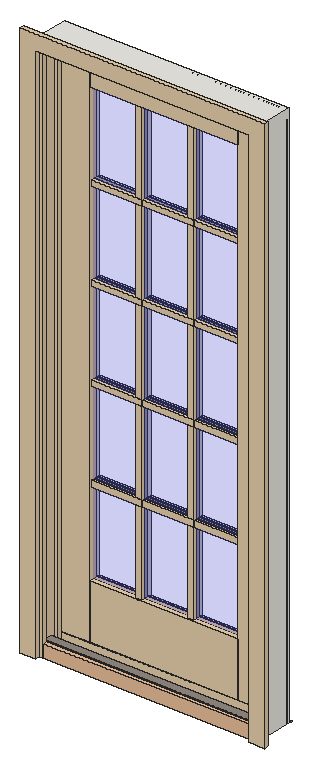
Revit family "Door-Gliding-Andersen-E_Series-Sidelight 2", category Doors, host Wall, Revit 2013 (continued)
Definition of nested family "Gliding_Panel"
  Definition of nested family "Andersen Grille Bar"
    Dimensions and locks (in)
      aligned and locked: plane 7 to curve 6
      aligned and locked: plane 7 to curve 5
      aligned and locked: curve 5 to plane 4 "1"
      aligned and locked: curve 6 to plane 5 "2"
    Automatic sketch dimensions
      Extrusion 1 sketch curve to Extrusion 1 sketch curve = 8' - 0"  (x2)
      plane 7 to Extrusion 2 sketch curve = 0' - 0"
      Extrusion 2 sketch curve to plane 5 "2" = 0' - 0 7/8"
      Extrusion 2 sketch curve to plane 6 = 0' - 0"
      Extrusion 2 sketch curve to Extrusion 2 sketch curve = 0' - 0 7/8"
      plane 7 to Extrusion 3 sketch curve = 0' - 0"
      Extrusion 3 sketch curve to plane 5 "2" = 0' - 0 7/8"
      Extrusion 3 sketch curve to plane 6 = 0' - 0"
      Extrusion 3 sketch curve to Extrusion 3 sketch curve = 0' - 0 7/8"
      Extrusion 4 sketch curve to plane 7 = 0' - 0"
      Extrusion 4 sketch curve to plane 5 "2" = 0' - 0 7/8"
      Extrusion 4 sketch curve to plane 6 = 0' - 0"
      Extrusion 4 sketch curve to Extrusion 4 sketch curve = 0' - 0 7/8"
